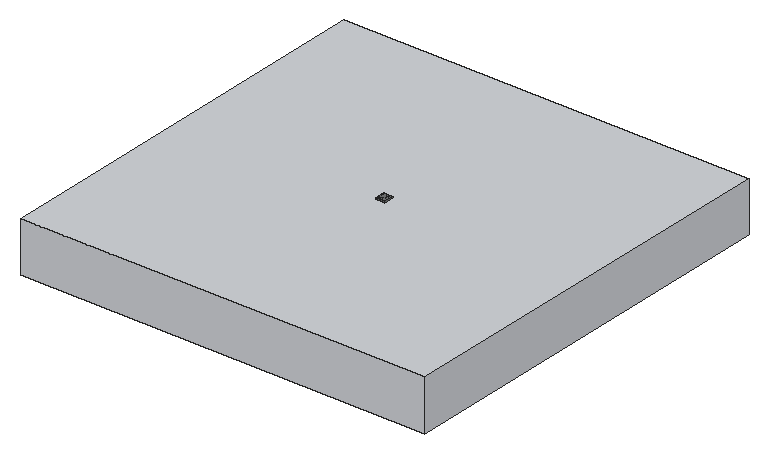
Revit family "Gira_029003", category Elektroinstallationen, Revit 2017
Family settings
  Basisbauteil = Fläche
  Beschriftungsausrichtung beibehalten = Nein
  Bemaßung runder Anschluss = Durchmesser verwenden
  Teiletyp = Normal
  Beim Laden mit Abzugskörper schneiden = Nein
  Gemeinsam genutzt = Nein
  Raumberechnungspunkt = Nein
Parameters
  Zusammenstellung = "Zentralplatte"
  Werkstoffgüte = "Thermoplast"
  Werkstoff = "Kunststoff"
  Verwendung = "Schalter/Taster"
  URL = "https://www.gira.de/"
  Typname = "Abd. Knopf Dimmer + Potentiometer System 55 Reinweiß"
  Typ Kontakt = "Öffner"
  Transparent = no
  Tragring = no
  Thermische Rückkopplung = "ohne"
  Temperatur ablesbar = no
  Sensor extern = no
  Schutzart (IP) = "IP20"
  Regelcharakteristik = "sonstige"
  RAL-Nummer (ähnlich) = 9010
  RAL-Nummer = 9010
  Produktseite = "http://katalog.gira.de/de_DE/datenblatt.html?artikelnr=029003"
  Oberfläche = "sonstige"
  Montageart = "Unterputz"
  Mit austauschbarer Linse/Symbol = no
  Mit Zugentlastung = no
  Mit Trinkwasserschaltung = no
  Mit Staubschutz = no
  Mit Klappdeckel = no
  Mit Geräuschniveauanzeige = no
  Mit Empfänger = no
  Mit Display = no
  Mit Beschriftungsfeld = no
  Mit Aufdruck = no
  Messbereich unterer Wert [m/s] = 5
  Messbereich oberer Wert [m/s] = 30
  Lüsterklemme = no
  Kühlen = no
  Kontrollfenster/Lichtauslass = yes
  Hersteller = "Gira"
  Heizen = yes
  Halogenfrei = yes
  HAN = "029003"
  Geeignet für Schutzart (IP) = "IP20"
  Geeignet für Bussystem-Tasterankopplung = no
  GTIN = "4010337290032"
  Farbe = "weiß"
  Explosionsgeschützt = no
  Differenz verstellbar = no
  Datenblatt = "https://katalog.gira.de/de_DE/download.html?artikelnr=029003"
  Bussystem Powernet = no
  Bussystem LON = no
  Bussystem KNX-Funk = no
  Bussystem KNX = yes
  Bussystem Funkbus = no
  Beschriftungsfeld = "ohne Beschriftungsfeld"
  Beschreibung = "Wippe mit Kontrollfenster  Reinweiß glänzend"
  Befestigungsart = "Klemmbefestigung"
  Bedienung = "Dreh"
  Bauelement = "Sys55_Abdeckung_Schalten und Tasten"
  Default Elevation = 1219.2 mm
  BIM = "https://media.stage.bim.site/public/gira/876eb45/Sys55_Abdeckung_Schalten%20und%20Tasten.rfa?public/gira/876eb45/Sys55_Abdeckung_Schalten und Tasten.rfa"
  Ausführung der Oberfläche = "glänzend"
  Ausführung Aufnehmer/Fühler = "sonstige"
  Ausführung = "einteilige Wippe"
  Aufdruck/Kennzeichnung = "ohne Aufdruck"
  Art der Spannungsversorgung = "230 V AC"
  Anthrazit [instance] = Anthrazit
  Anschluss = "Zweidraht"
  Andere Bussysteme = "ohne"
  Abtastbares Symbol/barrierefrei = no
Reference planes
  plane 1 "Center (Front/Back)": y = 0
  plane 2: z = 0
  plane 3 "Center (Left/Right)": x = 0
Forms (mm)
  Extrusion 1, solid
    sketch origin (0, 0, 0) x (1, 0, 0) y (0, 1, 0)
      loop
        line (-1219.2, 1219.2) -> (-1219.2, -1219.2) -> (1219.2, -1219.2) -> (1219.2, 1219.2) -> (-1219.2, 1219.2)
    from 0 to -304.8
  Extrusion 2, solid, material "Anthrazit" <- "Anthrazit", detail levels fine
    sketch origin (0, 0, 0) x (1, 0, 0) y (0, 1, 0)
      loop
        line (-27.5, 27.5) -> (-27.5, -27.5) -> (27.5, -27.5) -> (27.5, 27.5) -> (-27.5, 27.5)
    from 0 to 8
  Extrusion 3, void
    sketch origin (0, 0, 0) x (1, 0, 0) y (0, 1, 0)
      loop
        line (26, 26) -> (-26, 26) -> (-26, -26) -> (26, -26) -> (26, 26)
    from 0 to 6
  Extrusion 4, solid, material "Anthrazit" <- "Anthrazit", detail levels medium
    sketch origin (0, 0, 0) x (1, 0, 0) y (0, 1, 0)
      loop
        line (-27.5, 27.5) -> (-27.5, -27.5) -> (27.5, -27.5) -> (27.5, 27.5) -> (-27.5, 27.5)
    from 0 to 8
  Extrusion 5, solid, material "Anthrazit" <- "Anthrazit", detail levels medium
    sketch origin (0, 0, 0) x (1, 0, 0) y (0, 1, 0)
      loop
        line (11, -17.5) -> (11, 17.5) -> (-11, 17.5) -> (-11, -17.5) -> (11, -17.5)
    from -6 to 6
  Extrusion 6, solid, material "Anthrazit" <- "Anthrazit", detail levels fine
    sketch origin (0, 0, 0) x (1, 0, 0) y (0, 1, 0)
      loop
        line (11, 17.5) -> (-11, 17.5) -> (-11, 16.5) -> (11, 16.5) -> (11, 17.5)
      loop
        line (-11, -16.5) -> (-11, -17.5) -> (11, -17.5) -> (11, -16.5) -> (-11, -16.5)
    from -4 to 6
  Extrusion 7, solid, material "Anthrazit" <- "Anthrazit", detail levels fine
    sketch origin (0, 0, 0) x (1, 0, 0) y (0, 1, 0)
      loop
        arc (5, 9.347) -> (0, 10.6) -> (-5, 9.347) r 10.6
        line (-5, 9.347) -> (-5, -9.347)
        arc (-5, -9.347) -> (0, -10.6) -> (5, -9.347) r 10.6
        line (5, -9.347) -> (5, 9.347)
    from -6 to 6
  Extrusion 8, solid, material "Anthrazit" <- "Anthrazit", detail levels coarse
    sketch origin (0, 0, 0) x (1, 0, 0) y (0, 1, 0)
      loop
        line (-27.5, 27.5) -> (-27.5, -27.5) -> (27.5, -27.5) -> (27.5, 27.5) -> (-27.5, 27.5)
    from -6 to 8
Cuts and joins
  Extrusion 3 cuts Extrusion 2
Dimensions and locks
  aligned and locked: plane 2 to Extrusion 1
  aligned and locked: level to Extrusion 1
